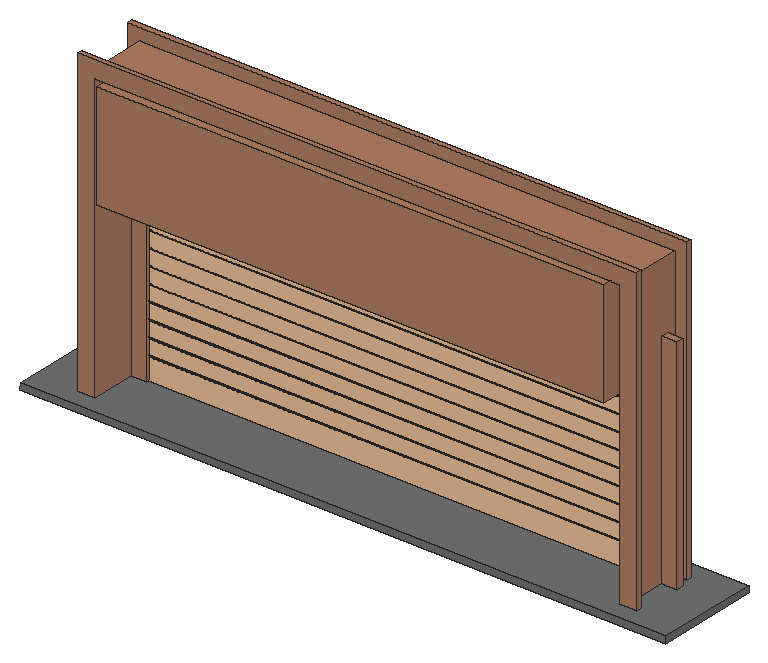
Revit family "665_Counter_Btw_Jambs_Mtd_Overhead_Door", category Doors, host Wall, Revit 2022
Family settings
  Host = Wall
  OmniClass Number = 23.30.10.17.27.11
  OmniClass Title = Overhead Coiling
  Always vertical = Yes
  Cut with Voids When Loaded = No
  Shared = No
  Room Calculation Point = No
Parameters (values of type "*See Type Catalog*")
  Right End Cap Thickness = 0' - 1"
  Product Page URL = ""
  Parameter 005 [instance] = ""
  Panel Height = 2' - 10 13/32"
  Operator Material = Wood - Red Oak
  Operation = "[Awning Crank Operator][Manual - Push Up]"
  Maximum Width = "12'  0"  # constant formula
  Maximum Height = "8'  0"  # constant formula
  Manual Operation = yes
  Left End Cap Thickness = 0' - 1"
  Hood Material = Wood - White Oak
  Has End Caps = yes
  Function = Interior
  Lock Type = "[Thumb Turn Locks] [Cylinder Locks]"
  Panel Width = Width - 0' 6 3/8"  # 6' - 4 5/8"
  Panel Material = Wood - White Oak
  Elevation From Level = 3' - 2 1/2"
  Electrical Operator = no
  Door Track Material = Wood - Red Oak
  Door Gap From Wall Interior = 0' - 7.05"
  URL = "http://www.overheaddoor.com/"
  Thickness = 0' - 0 1/2"
  Specification = "https://www.arcat.com/company/overhead-door-corporation-34626/spec"
  SpecWizard = "https://www.arcat.com/company/overhead-door-corporation-34626/sw"
  Rough Width = 0' - 0"
  Rough Height = 0' - 0"
  Product Data = "http://www.arcat.com/arcatcos/cos34/arc34626.html"
  Green Building-LEED = "https://www.arcat.com/company/overhead-door-corporation-34626/leed"
  Model = "665"
  Manufacturer = "Overhead Door Corporation"
  Keynote = "08 33 13"
  Height = Elevation From Level + Panel Height + 0' 10 23/32"  # 6' - 11 5/8"
  Wall Closure = By host
  Width = 6' - 11"
  Fire Rating = "As Specified in 08 36 00"
  Description = "Overhead Door Model 665 Overhead Coiling Wood Counter Door"
  Define Thermal Properties by = Schematic Type
  Copyright = "© 2024 ARCAT"  # constant formula
  Construction Details = "https://www.arcat.com/company/overhead-door-corporation-34626/cad"
  CAD Details = ""
  Bottom Bar = "Wood"
  Assembly Code = "B2030410"
  Analytic Construction = "<None>"
Reference planes (in)
  plane 1 "Center (Front/Back)": y = -18.9931
  plane 2 "Center (Left/Right)": x = 66
  plane 3: z = 0
  plane 4 "Door Face": y = -16.4431
  plane 5 "Right": x = 107.5
  plane 6 "Left": x = 24.5
  plane 7 "Closure": y = -23.4931
  plane 8: z = 0
  plane 9: y = -16.4431
  plane 10: y = -16.4431
  plane 11 "T.O. Opening": z = 83.625
  plane 12 "Countertop": z = 38.5
Forms (in)
  Extrusion 1, solid, material "Countertop"
    sketch origin (0, 0, 38.5) x (1, 0, 0) y (0, 1, 0)
      loop
        line (15.875, -26.9931) -> (116.125, -26.9931) -> (116.125, -10.9931) -> (15.875, -10.9931) -> (15.875, -26.9931)
    from -1 to 0
  Sweep 2, solid, material "Wood - Red Oak" <- "Operator Material"
    path in 3D
      loop
        line (24.5, -23.4931, 38.5) -> (24.5, -23.4931, 83.625) -> (107.5, -23.4931, 83.625) -> (107.5, -23.4931, 38.5)
    profile origin (66, -23.4931, 83.625) x (0, -1, 0) y (0, 0, -1)
      loop
        line (0, 0) -> (0, -1.90625) -> (0.71875, -1.90625) -> (0.71875, 0.71875) -> (-9.71875, 0.71875) -> (-9.71875, -1.90625) -> (-9, -1.90625) -> (-9, 0) -> (0, 0)
Lines and regions (in)
  Opening 1
    outline origin (-109.33485, -23.4931, 0) x (1, 0, 0) y (0, 0, 1)
      loop
        line (125.20985, 37.5) -> (225.45985, 37.5) -> (225.45985, 38.5) -> (216.83485, 38.5) -> (216.83485, 83.625) -> (133.83485, 83.625) -> (133.83485, 38.5) -> (125.20985, 38.5) -> (125.20985, 37.5)
  sketch lines
    curve 1: line (24.5, -23.4931, 83.625) -> (107.5, -23.4931, 83.625)
    curve 2: line (24.5, -23.4931, 38.5) -> (24.5, -23.4931, 83.625)
    curve 3: line (107.5, -23.4931, 83.625) -> (107.5, -23.4931, 38.5)
  symbolic lines, style "Hidden Projection"
    curve 4: line (26.6875, -15.5681, 0) -> (26.6875, -25.5681, 0)
    curve 5: line (26.6875, -25.5681, 0) -> (105.3125, -25.5681, 0)
    curve 6: line (105.3125, -25.5681, 0) -> (105.3125, -15.5681, 0)
Text (in)
  text "Exterior" at (50.54558, 27.31104, 0), in view "A101 - Plan View"
  text "Interior" at (50.54558, -25.14366, 0), in view "A101 - Plan View"
  text "Exterior" at (0, -9.40855, 123.01588), in view "Right"
  text "Interior" at (0, -64.39139, 123.01588), in view "Right"
  text "Interior" at (0, -52.09468, 121.14095), in view "Left"
  text "Exterior" at (0, 26.35325, 123.00693), in view "Left"
Dimensions and locks (in)
  "Door Gap From Wall Interior": host wall to plane 4 "Door Face"
  equal spacing: plane 5 "Right", plane 2 "Center (Left/Right)", plane 6 "Left"
  "Width": plane 6 "Left" to plane 5 "Right"
  "Height": level to plane 11 "T.O. Opening"
  "Elevation From Level": plane 12 "Countertop" to level
  locked: plane 12 "Countertop" to Opening 1 sketch curve at 1
  locked: Opening 1 sketch curve to plane 6 "Left" at 8.625
  locked: plane 5 "Right" to Opening 1 sketch curve at 8.625
  locked: Extrusion 1 to plane 7 "Closure" at 3.5
  locked: host wall to Extrusion 1 at 3.5
  locked: plane 11 "T.O. Opening" to nested 2 at 0.71875
  locked: plane 4 "Door Face" to nested 2 at 0.875
  locked: host wall to Sweep 2 sketch curve at 0.71875
  locked: Sweep 2 sketch curve to host wall at 0.71875
  locked: plane 11 "T.O. Opening" to Sweep 2 sketch curve at 0.71875
  aligned and locked: Opening 1 sketch curve to plane 5 "Right"
  aligned and locked: plane 1 "Center (Front/Back)" to host wall
  aligned and locked: plane 7 "Closure" to host wall
  aligned and locked: plane 4 "Door Face" to plane 9
  aligned and locked: plane 4 "Door Face" to plane 10
  aligned and locked: plane 11 "T.O. Opening" to Opening 1 sketch curve
  aligned and locked: plane 2 "Center (Left/Right)" to nested 1
  aligned and locked: Extrusion 1 to host wall  (x2)
  aligned and locked: host wall to Extrusion 1
  aligned and locked: nested 1 to plane 4 "Door Face"
  aligned and locked: Sweep 2 sketch curve to plane 11 "T.O. Opening"
  aligned and locked: host wall to Sweep 2 sketch curve  (x2)
Automatic sketch dimensions
  Opening 1 sketch curve to plane 6 "Left" = 0' - 0"
  Opening 1 sketch curve to plane 12 "Countertop" = 0' - 0"  (x2)
  plane 6 "Left" to Extrusion 1 sketch curve = 0' - 8 5/8"
  Extrusion 1 sketch curve to plane 5 "Right" = 0' - 8 5/8"
  plane 4 "Door Face" to Extrusion 1 sketch curve = 0' - 10.55"
  host wall to Extrusion 1 sketch curve = 0' - 3 1/2"
  Sweep 2 sketch curve to Sweep 2 sketch curve = 0' - 0"
  Sweep 2 sketch curve to profile plane = 0' - 1 29/32"
  curve 4 to plane 4 "Door Face" = 0' - 0 7/8"
  curve 6 to plane 4 "Door Face" = 0' - 0 7/8"
  curve 4 to plane 6 "Left" = 0' - 2 3/16"
  plane 5 "Right" to curve 6 = 0' - 2 3/16"
  host wall to curve 6 = 0' - 2.075"
Nested families (in)
  nested 1: "Panel-Rolling_Countertop_651" at (66, -16.4431, 38.5), type "ByType"
    with Width 6' - 4 5/8", Height 2' - 10 13/32"
  nested 2: "Rollup Case_Counter_6xx" at (21.46875, -15.5681, 66.53125), built-in parameter 1001360 <- "Panel Height", type "ByType"
    with Height 2' - 10 13/32", Chain CL 0' - 8 3/16", B 1' - 4 3/8", A 0' - 10"
Definition of nested family "Panel-Rolling_Countertop_651"
  Parameters
    Width = 9' - 0"
    Track Material = none
    Panel Material = none
    Height = 4' - 5 1/16"
    Default Elevation = 0' - 0"
    Assembly Code = ""
  Reference planes (in)
    plane 1 "Center (Front/Back)": y = 0
    plane 2: z = 0
    plane 3 "Center (Left/Right)": x = 0
  Forms (in)
    Extrusion 1, solid, material <- "Panel Material"
      sketch origin (0, 0, 0) x (0, 1, 0) y (0, 0, 1)
        loop
          line (0, 0) -> (0, 3.25927) -> (-0.24264, 3.50191) -> (0, 3.74454) -> (0, 5.75927) -> (-0.24264, 6.00191) -> (0, 6.24454) -> (0, 8.25927) -> (-0.24264, 8.50191) -> (0, 8.74454) -> (0, 10.75927) -> (-0.24264, 11.00191) -> (0, 11.24454) -> (0, 13.25927) -> (-0.24264, 13.50191) -> (0, 13.74454) -> (0, 15.75927) -> (-0.24264, 16.00191) -> (0, 16.24454) -> (0, 18.25927) -> (-0.24264, 18.50191) -> (0, 18.74454) -> (0, 20.75927) -> (-0.24264, 21.00191) -> (0, 21.24454) -> (0, 23.25927) -> (-0.24264, 23.50191) -> (0, 23.74454) -> (0, 25.75927) -> (-0.24264, 26.00191) -> (0, 26.24454) -> (0, 28.25928) -> (-0.24264, 28.50191) -> (0, 28.74455) -> (0, 30.75928) -> (-0.24264, 31.00191) -> (0, 31.24455) -> (0, 33.25928) -> (-0.24264, 33.50191) -> (0, 33.74455) -> (0, 35.75928) -> (-0.24264, 36.00191) -> (0, 36.24455) -> (0, 38.25928) -> (-0.24264, 38.50191) -> (0, 38.74455) -> (0, 40.75928) -> (-0.24264, 41.00191) -> (0, 41.24455) -> (0, 43.25928) -> (-0.24264, 43.50191) -> (0, 43.74455) -> (0, 45.75928) -> (-0.24264, 46.00191) -> (0, 46.24455) -> (0, 48.25928) -> (-0.24264, 48.50191) -> (0, 48.74455) -> (0, 50.75928) -> (-0.24264, 51.00191) -> (0, 51.24455) -> (0, 53.25928) -> (-0.24264, 53.50191) -> (0, 53.74455) -> (0, 55.75928) -> (-0.24264, 56.00191) -> (0, 56.24455) -> (0, 58.25928) -> (-0.24264, 58.50191) -> (0, 58.74455) -> (0, 60.75928) -> (-0.24264, 61.00191) -> (0, 61.24455) -> (0, 63.25928) -> (-0.24264, 63.50191) -> (0, 63.74455) -> (0, 65.75928) -> (-0.24264, 66.00191) -> (0, 66.24455) -> (0, 68.25928) -> (-0.24264, 68.50191) -> (0, 68.74455) -> (0, 70.75928) -> (-0.24264, 71.00191) -> (0, 71.24455) -> (0, 73.25928) -> (-0.24264, 73.50191) -> (0, 73.74455) -> (0, 75.75928) -> (-0.24264, 76.00191) -> (0, 76.24455) -> (0, 78.25928) -> (-0.24264, 78.50191) -> (0, 78.74455) -> (0, 80.75928) -> (-0.24264, 81.00191) -> (0, 81.24455) -> (0, 83.25928) -> (-0.24264, 83.50191) -> (0, 83.74455) -> (0, 85.75928) -> (-0.24264, 86.00191) -> (0, 86.24455) -> (0, 88.25928) -> (-0.24264, 88.50191) -> (0, 88.74455) -> (0, 90.75928) -> (-0.24264, 91.00191) -> (0, 91.24455) -> (0, 93.25928) -> (-0.24264, 93.50191) -> (0, 93.74455) -> (0, 95.75928) -> (-0.24264, 96.00191) -> (0, 96.24455) -> (0, 98.25928) -> (-0.24264, 98.50192) -> (0, 98.74455) -> (0, 100.75928) -> (-0.24264, 101.00192) -> (0, 101.24455) -> (0, 103.25928) -> (-0.24264, 103.50192) -> (0, 103.74455) -> (0, 105.75928) -> (-0.24264, 106.00192) -> (0, 106.24455) -> (0, 108.25928) -> (-0.24264, 108.50192) -> (0, 108.74455) -> (0, 110.75928) -> (-0.24264, 111.00192) -> (0, 111.24455) -> (0, 113.25928) -> (-0.24264, 113.50192) -> (0, 113.74455) -> (0, 115.75928) -> (-0.24264, 116.00192) -> (0, 116.24455) -> (0, 118.25928) -> (-0.24264, 118.50192) -> (0, 118.74455) -> (0, 120.75928) -> (-0.24264, 121.00192) -> (0, 121.24455) -> (0, 123.25928) -> (-0.24264, 123.50192) -> (0, 123.74455) -> (0, 125.75928) -> (-0.24264, 126.00192) -> (0, 126.24455) -> (0, 377.30354) -> (-0.43287, 377.30354) -> (-0.43287, 126.08525) -> (-0.34953, 126.00191) -> (-0.43287, 125.91857) -> (-0.43287, 123.58525) -> (-0.34953, 123.50191) -> (-0.43287, 123.41857) -> (-0.43287, 121.08525) -> (-0.34953, 121.00191) -> (-0.43287, 120.91857) -> (-0.43287, 118.58525) -> (-0.34953, 118.50191) -> (-0.43287, 118.41857) -> (-0.43287, 116.08525) -> (-0.34953, 116.00191) -> (-0.43287, 115.91857) -> (-0.43287, 113.58525) -> (-0.34953, 113.50191) -> (-0.43287, 113.41857) -> (-0.43287, 111.08525) -> (-0.34953, 111.00191) -> (-0.43287, 110.91857) -> (-0.43287, 108.58525) -> (-0.34953, 108.50191) -> (-0.43287, 108.41857) -> (-0.43287, 106.08525) -> (-0.34953, 106.00191) -> (-0.43287, 105.91857) -> (-0.43287, 103.58525) -> (-0.34953, 103.50191) -> (-0.43287, 103.41857) -> (-0.43287, 101.08525) -> (-0.34953, 101.00191) -> (-0.43287, 100.91857) -> (-0.43287, 98.58525) -> (-0.34953, 98.50191) -> (-0.43287, 98.41857) -> (-0.43287, 96.08525) -> (-0.34953, 96.00191) -> (-0.43287, 95.91857) -> (-0.43287, 93.58525) -> (-0.34953, 93.50191) -> (-0.43287, 93.41857) -> (-0.43287, 91.08525) -> (-0.34953, 91.00191) -> (-0.43287, 90.91857) -> (-0.43287, 88.58525) -> (-0.34953, 88.50191) -> (-0.43287, 88.41857) -> (-0.43287, 86.08525) -> (-0.34953, 86.00191) -> (-0.43287, 85.91857) -> (-0.43287, 83.58525) -> (-0.34953, 83.50191) -> (-0.43287, 83.41857) -> (-0.43287, 81.08525) -> (-0.34953, 81.00191) -> (-0.43287, 80.91857) -> (-0.43287, 78.58525) -> (-0.34953, 78.50191) -> (-0.43287, 78.41857) -> (-0.43287, 76.08525) -> (-0.34953, 76.00191) -> (-0.43287, 75.91857) -> (-0.43287, 73.58525) -> (-0.34953, 73.50191) -> (-0.43287, 73.41857) -> (-0.43287, 71.08525) -> (-0.34953, 71.00191) -> (-0.43287, 70.91857) -> (-0.43287, 68.58525) -> (-0.34953, 68.50191) -> (-0.43287, 68.41857) -> (-0.43287, 66.08525) -> (-0.34953, 66.00191) -> (-0.43287, 65.91857) -> (-0.43287, 63.58525) -> (-0.34953, 63.50191) -> (-0.43287, 63.41857) -> (-0.43287, 61.08525) -> (-0.34953, 61.00191) -> (-0.43287, 60.91857) -> (-0.43287, 58.58525) -> (-0.34953, 58.50191) -> (-0.43287, 58.41857) -> (-0.43287, 56.08525) -> (-0.34953, 56.00191) -> (-0.43287, 55.91857) -> (-0.43287, 53.58525) -> (-0.34953, 53.50191) -> (-0.43287, 53.41857) -> (-0.43287, 51.08525) -> (-0.34953, 51.00191) -> (-0.43287, 50.91857) -> (-0.43287, 48.58525) -> (-0.34953, 48.50191) -> (-0.43287, 48.41857) -> (-0.43287, 46.08525) -> (-0.34953, 46.00191) -> (-0.43287, 45.91857) -> (-0.43287, 43.58525) -> (-0.34953, 43.50191) -> (-0.43287, 43.41857) -> (-0.43287, 41.08525) -> (-0.34953, 41.00191) -> (-0.43287, 40.91857) -> (-0.43287, 38.58525) -> (-0.34953, 38.50191) -> (-0.43287, 38.41857) -> (-0.43287, 36.08525) -> (-0.34953, 36.00191) -> (-0.43287, 35.91857) -> (-0.43287, 33.58525) -> (-0.34953, 33.50191) -> (-0.43287, 33.41857) -> (-0.43287, 31.08525) -> (-0.34953, 31.00191) -> (-0.43287, 30.91857) -> (-0.43287, 28.58525) -> (-0.34953, 28.50191) -> (-0.43287, 28.41857) -> (-0.43287, 26.08525) -> (-0.34953, 26.00191) -> (-0.43287, 25.91857) -> (-0.43287, 23.58525) -> (-0.34953, 23.50191) -> (-0.43287, 23.41857) -> (-0.43287, 21.08525) -> (-0.34953, 21.00191) -> (-0.43287, 20.91857) -> (-0.43287, 18.58525) -> (-0.34953, 18.50191) -> (-0.43287, 18.41857) -> (-0.43287, 16.08525) -> (-0.34953, 16.00191) -> (-0.43287, 15.91857) -> (-0.43287, 13.58525) -> (-0.34953, 13.50191) -> (-0.43287, 13.41857) -> (-0.43287, 11.08525) -> (-0.34953, 11.00191) -> (-0.43287, 10.91857) -> (-0.43287, 8.58525) -> (-0.34953, 8.50191) -> (-0.43287, 8.41857) -> (-0.43287, 6.08525) -> (-0.34953, 6.00191) -> (-0.43287, 5.91857) -> (-0.43287, 3.58525) -> (-0.34953, 3.50191) -> (-0.43287, 3.41857) -> (-0.43287, 0) -> (0, 0)
      from -54 to 54
    Extrusion 2, void
      sketch origin (0, 0, 0) x (0, 1, 0) y (0, 0, 1)
        loop
          line (1.29995, 53.0625) -> (1.29995, 396) -> (-1.53826, 396) -> (-1.53826, 53.0625) -> (1.29995, 53.0625)
      from -54 to 54
    Extrusion 3, solid, material <- "Track Material"
      sketch origin (0, 0, 0) x (1, 0, 0) y (0, 1, 0)
        loop
          line (-54, 0.49213) -> (-59.625, 0.49213) -> (-59.625, -0.6875) -> (-54, -0.6875) -> (-54, 0.49213)
        loop
          line (54, 0.49213) -> (54, -0.6875) -> (59.625, -0.6875) -> (59.625, 0.49213) -> (54, 0.49213)
      from 0 to 53.0625 <- "Height"
  Cuts and joins
    Extrusion 2 cuts Extrusion 1
  Lines and regions (in)
    reference lines
      curve 1: line (0, 34.50735, 53.0625) -> (0, -50.49265, 53.0625)
      curve 2: line (0, 38.48524, 396) -> (0, -46.51476, 396)
      curve 3: line (-54, 0, 85.14784) -> (-54, 0, 147.14784)
      curve 4: line (54, 0, 85.14784) -> (54, 0, 147.14784)
  Dimensions and locks (in)
    "Height": curve 1 to level
    equal spacing: curve 4, plane 3 "Center (Left/Right)", curve 3
    "Width": curve 4 to curve 3
    level to curve 2 = 33' - 0"
    locked: Extrusion 3 sketch curve to Extrusion 3 sketch curve at 5.625  (x2)
    Extrusion 3 sketch curve to plane 1 "Center (Front/Back)" to Extrusion 3 sketch curve = 0' - 0 11/16" locked, 0' - 0.49213" locked
    aligned and locked: curve 1 to Extrusion 2 sketch curve
    aligned and locked: curve 2 to Extrusion 2 sketch curve
    aligned and locked: Extrusion 2 to curve 3
    aligned and locked: Extrusion 2 to curve 4
    aligned and locked: curve 3 to cut or joined group of Extrusion 1, Extrusion 2
    aligned and locked: cut or joined group of Extrusion 1, Extrusion 2 to curve 4
    aligned and locked: Extrusion 3 sketch curve to Extrusion 3 sketch curve  (x2)
    aligned and locked: Extrusion 3 to curve 3
    aligned and locked: curve 4 to Extrusion 3
  Automatic sketch dimensions
    plane 1 "Center (Front/Back)" to Extrusion 2 sketch curve = 0' - 1.53826"
    Extrusion 2 sketch curve to plane 1 "Center (Front/Back)" = 0' - 1.29995"
    level to curve 4 = 7' - 1.14784"
    level to curve 3 = 7' - 1.14784"
    curve 4 to curve 4 = 5' - 2"
    curve 3 to curve 3 = 5' - 2"
    Extrusion 3 sketch curve to plane 3 "Center (Left/Right)" = 4' - 11 5/8"
    plane 3 "Center (Left/Right)" to Extrusion 3 sketch curve = 4' - 6"
    plane 1 "Center (Front/Back)" to curve 1 = 4' - 2.49265"
    curve 1 to curve 2 = 0' - 3.97789"  (x2)
    curve 1 to plane 1 "Center (Front/Back)" = 2' - 10.50735"
    Extrusion 1 sketch curve to level = 0' - 0"
    Extrusion 1 sketch curve to plane 1 "Center (Front/Back)" = 0' - 0"  (x51)
    plane 1 "Center (Front/Back)" to Extrusion 1 sketch curve = 0' - 0.24264"  (x41)
    plane 1 "Center (Front/Back)" to Extrusion 1 sketch curve = 0' - 0.24263"  (x9)
    Extrusion 1 sketch curve to Extrusion 1 sketch curve = 0' - 0.10689"  (x50)
    Extrusion 1 sketch curve to Extrusion 1 sketch curve = 0' - 0.08334"  (x101)
    Extrusion 1 sketch curve to Extrusion 1 sketch curve = 0' - 3.25927"
    Extrusion 1 sketch curve to Extrusion 1 sketch curve = 0' - 0.15929"  (x50)
    Extrusion 1 sketch curve to Extrusion 1 sketch curve = 0' - 0"  (x48)
    Extrusion 1 sketch curve to Extrusion 1 sketch curve = 0' - 2.01473"  (x38)
    Extrusion 1 sketch curve to Extrusion 1 sketch curve = 0' - 2.17402"  (x11)
    Extrusion 1 sketch curve to Extrusion 1 sketch curve = 0' - 0.08333"  (x2)
    Extrusion 1 sketch curve to Extrusion 1 sketch curve = 20' - 11.05899"
Definition of nested family "Rollup Case_Counter_6xx"
  Parameters (values of type "ByType")
    Width = 6' - 4 5/8"
    Right End Cap Thickness = 0' - 1"
    Height = 10' - 0"
    Has End Caps = yes
    End Cap Material = none
    Left End Cap Thickness = 0' - 1"
    Electric Controlled = no
    Default Elevation = 0' - 0"
    Chain CL = B / 2  # 0' - 9 11/16"
    Case Material = none
    B = if(and(not(Width > 12' 0"), not(Height > 4' 6")), 1' 4 3/8", if(and(not(Width > 12' 0"), not(Height > 6' 4")), 1' 5 3/8", if(and(not(Width > 12' 0"), not(Height > 8' 4")), 1' 7 3/8", 1' 7 3/8")))  # 1' - 7 3/8"
    Assembly Code = ""
    A = if(and(not(Width > 12' 0"), not(Height > 4' 6")), 0' 10", if(and(not(Width > 12' 0"), not(Height > 6' 4")), 0' 11", if(and(not(Width > 12' 0"), not(Height > 8' 4")), 1' 1", 1' 1")))  # 1' - 1"
  Reference planes (in)
    plane 1 "Front": y = 0
    plane 2: z = 0
    plane 3 "Center (Left/Right)": x = 44.53125
    plane 4 "Top": z = 19.375
    plane 5: y = -13
    plane 6: x = 83.34375
    plane 7: x = 6.21875
    plane 8: x = 82.84375
    plane 9: x = 83.84375
    plane 10: y = -3.3125
    plane 11: z = -120
  Forms (in)
    Extrusion 1, solid, material <- "Case Material"
      sketch origin (44.53125, 0, 0) x (0, 1, 0) y (0, 0, 1)
        loop
          line (-13, 19.375) -> (-13, 0) -> (0, 0) -> (0, 19.375) -> (-13, 19.375)
      from -38.3125 to 38.3125
    Extrusion 2, solid, material <- "Case Material"
      sketch origin (0, 0, 0) x (1, 0, 0) y (0, 1, 0)
        loop
          line (82.84375, 0) -> (82.84375, -13) -> (83.84375, -13) -> (83.84375, 0) -> (82.84375, 0)
        loop
          line (6.21875, 0) -> (5.21875, 0) -> (5.21875, -13) -> (6.21875, -13) -> (6.21875, 0)
      from 0 to 19.375 <- "B"
  Cuts and joins
    joined: Extrusion 1, Extrusion 2
  Dimensions and locks (in)
    "B": plane 4 "Top" to level
    "A": plane 5 to plane 1 "Front"
    "Left End Cap Thickness": Extrusion 2 to Extrusion 1
    equal spacing: plane 7, plane 3 "Center (Left/Right)", plane 8
    "Width": plane 7 to plane 8
    equal spacing: plane 8, plane 6, plane 9
    "Right End Cap Thickness": plane 8 to plane 9
    "Chain CL": plane 5 to plane 10
    "Height": level to plane 11
    aligned and locked: Extrusion 2 to Extrusion 1  (x2)
    aligned and locked: Extrusion 1 to plane 7
    aligned and locked: Extrusion 1 to plane 8
    aligned and locked: Extrusion 2 to plane 9
    aligned and locked: Extrusion 2 to plane 4 "Top"
  Automatic sketch dimensions
    Extrusion 2 sketch curve to plane 1 "Front" = 0' - 0"  (x2)
    Extrusion 2 sketch curve to plane 5 = 0' - 0"  (x2)
    Extrusion 2 sketch curve to plane 3 "Center (Left/Right)" = 3' - 3 5/16"
    Extrusion 2 sketch curve to Extrusion 2 sketch curve = 0' - 1"  (x2)
    plane 3 "Center (Left/Right)" to Extrusion 2 sketch curve = 3' - 2 5/16"
    Extrusion 1 sketch curve to level = 0' - 0"
    Extrusion 1 sketch curve to plane 1 "Front" = 0' - 0"
    Extrusion 1 sketch curve to plane 4 "Top" = 0' - 0"
    Extrusion 1 sketch curve to plane 5 = 0' - 0"
